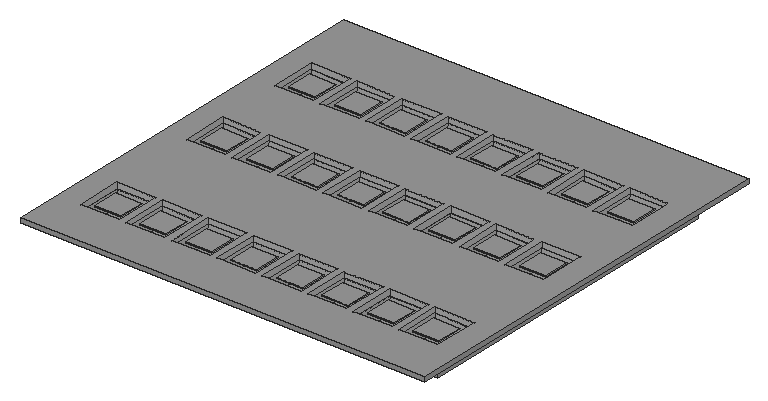
Revit family "2023875", category Lighting Fixtures, host Face, Revit 2018
Family settings
  Host = Face
  Round Connector Dimension = Use Diameter
  Part Type = Normal
  OmniClass Number = 23.80.70.00
  OmniClass Title = Lighting
  Cut with Voids When Loaded = No
  Light Source = Yes
  Shared = No
  Room Calculation Point = No
Parameters (values of type "2023875 OPTIX R 625 3L LUMI 4K ALU SSA02")
  Weight = "n/a"
  Wattage Comments = ""
  Wattage = 9.2903 W
  WarrantyStartDate [instance] = "n/a"
  WarrantyGuarantorParts = "n/a"
  WarrantyDurationUnit = "n/a"
  WarrantyDurationParts = ""
  WarrantyDescription = "http://www.sylvania-lighting.com"
  built-in parameter 1150110 = 1 (stored number, unit not read)
  Voltage = 0 V
  URL = "1"
  TypeName = "OPTIX RECESSED 625 3L LUMI 4K ALU SSA02"
  Type Image = <None>
  Type Comments = "n/a"
  built-in parameter 1114217 = 1 (stored number, unit not read)
  Tilt Angle = -90.00°
  built-in parameter 1150109 = 1 (stored number, unit not read)
  built-in parameter 1150134 = 3
  built-in parameter 1150113 = 1 (stored number, unit not read)
  SerialNumber [instance] = "n/a"
  Photometric Web File = "2023875.ies"
  Material_3_SYL = none
  PowerFactor = 0
  PowerConsumption = "Lighting"
  NominalLength = 621 mm
  NominalHeight = 38 mm
  NominalDepth = 620 mm
  Name = "OPTIX RECESSED 625 3L LUMI 4K ALU SSA02"
  ModelReference = Name  # "OPTIX RECESSED 625 3L LUMI 4K ALU SSA02"
  ModelNumber = "2023875"
  Model = Name  # "OPTIX RECESSED 625 3L LUMI 4K ALU SSA02"
  Material = "Feilo Sylvania"
  ManufacturerName = "99 lm/W"
  Manufacturer = ""
  LuminousEfficacy = ""
  built-in parameter 1150105 = 109.82 (stored number, unit not read)
  Lumens = 1380 lm
  LuminaireType = "0"
  built-in parameter 1150115 = 1 (stored number, unit not read)
  LightOutputRatio = "LED"
  built-in parameter 1150137 = (empty or 0)
  built-in parameter 1150139 = (empty or 0)
  LampsType = Lamp  # "n/a"
  LampNominalLuminous = "4000 K"
  LampMacAdamStep = "98"
  LampColourTemperature = "LED"
  LampColourRenderingIndex = "16500"
  built-in parameter 1150112 = 1 (stored number, unit not read)
  built-in parameter 1150114 = 1 (stored number, unit not read)
  Lamp = "n/a"
  Keynote = "n/a"
  InstallationDate [instance] = "n/a"
  InputVoltage = "0"
  InputNominalFrequency = "4000"
  built-in parameter 1150132 = (empty or 0)
  built-in parameter 1150102 = (empty or 0)
  built-in parameter 1150107 = 3200 (stored number, unit not read)
  built-in parameter 1150138 = (empty or 0)
  IngressProtection = "IfcLightFixtureType"
  ImpactProtectionIndex = "IfcLightFixtureType"
  built-in parameter 1150106 = 1.0982 (stored number, unit not read)
  IfcExportType = "IfcLightFixtureType"
  IfcExportAs = "Class I"
  Emit from Circle Diameter = 609.6 mm
  Emit Shape Visible in Rendering = no
  ElectricShockClassification = "99"
  built-in parameter 1150104 = 13.8 (stored number, unit not read)
  DocumentationLiterature = "http://www.sylvania-lighting.com/product/en-int/products/2023875"
  DimmingControlOptions = "n/a"
  Material_2_SYL = none
  Dimming Lamp Color Temperature Shift = <None>
  Description = "OPTIX RECESSED 625 3L LUMI 4000K ALU SSA02 is a ceiling recessed luminaire for office and education applications with Aluminised plastic extra low glare optics and RAL9016 colour fixture body. SylSmart Connected enabled. 4000K Neutral White LED, chromaticity tolerance of 3-step MacAdam ellipse. For 4000K - Colour rendering index Ra >98; Melanopic Ratio MEER: 0.776; Fidelity Index Rᶠ: 94; Gamut Index Rᶢ: 98. For 4000K luminous flux: 3750lm. Power consumption: 38W. Luminaire efficacy: 99lm/W. UGR<16 Luminance at 65°<200 Cd/m2, IK07, IP20. Photobiological safety risk group 0. Electrical protection Class I. Glow wire test 850°C. 60,000hrs L80B20 lifespan."
  Default Elevation = 1219.2 mm
  CreatedOn = "13/10/2022"
  CreatedBy = "@sylvania-lighting.com"
  Cost = 0
  Color Filter = 16777215
  built-in parameter 1114216 [instance] = (empty or 0)
  ClassificationValue = "EF_70_80"
  ClassificationName = "Uniclass2015"
  Material_1_SYL = none
  BarCode [instance] = "n/a"
  built-in parameter 1114218 = 1 (stored number, unit not read)
  built-in parameter 1150133 = 10 (stored number, unit not read)
  AssetType = "Fixed"
  AssetIdentifier [instance] = "n/a"
  Assembly Code = "D5020200"
  Apparent Load = 38 VA
  Material_4_SYL = none
Reference planes
  plane 1 "Center (Front/Back)": y = 0
  plane 2: z = 0
  plane 3 "Center (Left/Right)": x = 0
  plane 4: x = -310.5
  plane 5: x = 310.5
  plane 6: y = 310
  plane 7: y = -310
  plane 8: x = -281.5
  plane 9: x = 281.5
  plane 10: y = 250
  plane 11: y = -250
  plane 12: z = -32
  plane 13: z = 6
  plane 14: y = 204
  plane 15: y = -204
  plane 16: y = 134
  plane 17: y = -134
  plane 18: x = -280
  plane 19: x = 280
  plane 20: x = -275.2
  plane 21: x = -215.2
  plane 22: x = -205.4
  plane 23: x = -145.397
  plane 24: x = -135.597
  plane 25: x = -75.597
  plane 26: x = -65.797
  plane 27: x = -5.797
  plane 28: x = 4.003
  plane 29: x = 64.003
  plane 30: x = 73.803
  plane 31: x = 143.603
  plane 32: x = 133.803
  plane 33: x = 203.603
  plane 34: x = 213.403
  plane 35: x = 273.403
  plane 36: y = 149
  plane 37: y = 189
  plane 38: x = -225.2
  plane 39: x = -265.2
  plane 40: y = 169
  plane 41: y = 35
  plane 42: y = -35
  plane 43: x = -275.2
  plane 44: x = -215.2
  plane 45: x = -205.4
  plane 46: x = -145.397
  plane 47: x = -135.597
  plane 48: x = -75.597
  plane 49: x = -65.797
  plane 50: x = -5.797
  plane 51: x = 4.003
  plane 52: x = 64.003
  plane 53: x = 73.803
  plane 54: x = 143.603
  plane 55: x = 133.803
  plane 56: x = 203.603
  plane 57: x = 213.403
  plane 58: x = 273.403
  plane 59: y = -20
  plane 60: y = 20
  plane 61: x = -225.2
  plane 62: x = -265.2
  plane 63: y = 0
  plane 64: x = -275.2
  plane 65: x = -215.2
  plane 66: x = -205.4
  plane 67: x = -145.397
  plane 68: x = -135.597
  plane 69: x = -75.597
  plane 70: x = -65.797
  plane 71: x = -5.797
  plane 72: x = 4.003
  plane 73: x = 64.003
  plane 74: x = 73.803
  plane 75: x = 143.603
  plane 76: x = 133.803
  plane 77: x = 203.603
  plane 78: x = 213.403
  plane 79: x = 273.403
  plane 80: y = -224
  plane 81: y = -184
  plane 82: x = -225.2
  plane 83: x = -265.2
Forms (mm)
  Extrusion 1, solid, material "Aluminum", detail levels medium+fine
    sketch origin (0, 0, 0) x (1, 0, 0) y (0, 1, 0)
      loop
        line (-310.5, 310) -> (-310.5, -310) -> (310.5, -310) -> (310.5, 310) -> (-310.5, 310)
    from 0 to 6
  Extrusion 2, solid, material "Aluminum", detail levels medium+fine
    sketch origin (0, 0, 0) x (1, 0, 0) y (0, 1, 0)
      loop
        line (-281.5, 250) -> (-281.5, -250) -> (281.5, -250) -> (281.5, 250) -> (-281.5, 250)
    from 0 to -32
  Blend 3, void
    base sketch origin (0, 0, 0) x (1, 0, 0) y (0, 1, 0)
      loop
        line (-275.2, 204) -> (-275.2, 134) -> (-215.2, 134) -> (-215.2, 204) -> (-275.2, 204)
    top sketch origin (0, 0, 0) x (1, 0, 0) y (0, 1, 0)
      loop
        line (-265.2, 189) -> (-265.2, 149) -> (-225.2, 149) -> (-225.2, 189) -> (-265.2, 189)
    from 6 to -19
  Blend 4, void
    base sketch origin (69.8, 0, 0) x (1, 0, 0) y (0, 1, 0)
      loop
        line (-275.2, 204) -> (-275.2, 134) -> (-215.2, 134) -> (-215.2, 204) -> (-275.2, 204)
    top sketch origin (69.8, 0, 0) x (1, 0, 0) y (0, 1, 0)
      loop
        line (-265.2, 189) -> (-265.2, 149) -> (-225.2, 149) -> (-225.2, 189) -> (-265.2, 189)
    from 6 to -19
  Blend 5, void
    base sketch origin (139.603, 0, 0) x (1, 0, 0) y (0, 1, 0)
      loop
        line (-275.2, 204) -> (-275.2, 134) -> (-215.2, 134) -> (-215.2, 204) -> (-275.2, 204)
    top sketch origin (139.603, 0, 0) x (1, 0, 0) y (0, 1, 0)
      loop
        line (-265.2, 189) -> (-265.2, 149) -> (-225.2, 149) -> (-225.2, 189) -> (-265.2, 189)
    from 6 to -19
  Blend 6, void
    base sketch origin (209.403, 0, 0) x (1, 0, 0) y (0, 1, 0)
      loop
        line (-275.2, 204) -> (-275.2, 134) -> (-215.2, 134) -> (-215.2, 204) -> (-275.2, 204)
    top sketch origin (209.403, 0, 0) x (1, 0, 0) y (0, 1, 0)
      loop
        line (-265.2, 189) -> (-265.2, 149) -> (-225.2, 149) -> (-225.2, 189) -> (-265.2, 189)
    from 6 to -19
  Blend 7, void
    base sketch origin (279.203, 0, 0) x (1, 0, 0) y (0, 1, 0)
      loop
        line (-275.2, 204) -> (-275.2, 134) -> (-215.2, 134) -> (-215.2, 204) -> (-275.2, 204)
    top sketch origin (279.203, 0, 0) x (1, 0, 0) y (0, 1, 0)
      loop
        line (-265.2, 189) -> (-265.2, 149) -> (-225.2, 149) -> (-225.2, 189) -> (-265.2, 189)
    from 6 to -19
  Blend 8, void
    base sketch origin (349.003, 0, 0) x (1, 0, 0) y (0, 1, 0)
      loop
        line (-275.2, 204) -> (-275.2, 134) -> (-215.2, 134) -> (-215.2, 204) -> (-275.2, 204)
    top sketch origin (349.003, 0, 0) x (1, 0, 0) y (0, 1, 0)
      loop
        line (-265.2, 189) -> (-265.2, 149) -> (-225.2, 149) -> (-225.2, 189) -> (-265.2, 189)
    from 6 to -19
  Blend 9, void
    base sketch origin (418.803, 0, 0) x (1, 0, 0) y (0, 1, 0)
      loop
        line (-275.2, 204) -> (-275.2, 134) -> (-215.2, 134) -> (-215.2, 204) -> (-275.2, 204)
    top sketch origin (418.803, 0, 0) x (1, 0, 0) y (0, 1, 0)
      loop
        line (-265.2, 189) -> (-265.2, 149) -> (-225.2, 149) -> (-225.2, 189) -> (-265.2, 189)
    from 6 to -19
  Blend 10, void
    base sketch origin (488.603, 0, 0) x (1, 0, 0) y (0, 1, 0)
      loop
        line (-275.2, 204) -> (-275.2, 134) -> (-215.2, 134) -> (-215.2, 204) -> (-275.2, 204)
    top sketch origin (488.603, 0, 0) x (1, 0, 0) y (0, 1, 0)
      loop
        line (-265.2, 189) -> (-265.2, 149) -> (-225.2, 149) -> (-225.2, 189) -> (-265.2, 189)
    from 6 to -19
  Extrusion 11, solid, material "Glass, White, High Luminance", detail levels fine
    sketch origin (0, 0, 0) x (1, 0, 0) y (0, 1, 0)
      loop
        line (-265.2, 189) -> (-265.2, 149) -> (-225.2, 149) -> (-225.2, 189) -> (-265.2, 189)
    from 0 to 1
  Extrusion 12, solid, material "Glass, White, High Luminance", detail levels fine
    sketch origin (69.8, 0, 0) x (1, 0, 0) y (0, 1, 0)
      loop
        line (-265.2, 189) -> (-265.2, 149) -> (-225.2, 149) -> (-225.2, 189) -> (-265.2, 189)
    from 0 to 1
  Extrusion 13, solid, material "Glass, White, High Luminance", detail levels fine
    sketch origin (139.603, 0, 0) x (1, 0, 0) y (0, 1, 0)
      loop
        line (-265.2, 189) -> (-265.2, 149) -> (-225.2, 149) -> (-225.2, 189) -> (-265.2, 189)
    from 0 to 1
  Extrusion 14, solid, material "Glass, White, High Luminance", detail levels fine
    sketch origin (209.403, 0, 0) x (1, 0, 0) y (0, 1, 0)
      loop
        line (-265.2, 189) -> (-265.2, 149) -> (-225.2, 149) -> (-225.2, 189) -> (-265.2, 189)
    from 0 to 1
  Extrusion 15, solid, material "Glass, White, High Luminance", detail levels fine
    sketch origin (279.203, 0, 0) x (1, 0, 0) y (0, 1, 0)
      loop
        line (-265.2, 189) -> (-265.2, 149) -> (-225.2, 149) -> (-225.2, 189) -> (-265.2, 189)
    from 0 to 1
  Extrusion 16, solid, material "Glass, White, High Luminance", detail levels fine
    sketch origin (349.003, 0, 0) x (1, 0, 0) y (0, 1, 0)
      loop
        line (-265.2, 189) -> (-265.2, 149) -> (-225.2, 149) -> (-225.2, 189) -> (-265.2, 189)
    from 0 to 1
  Extrusion 17, solid, material "Glass, White, High Luminance", detail levels fine
    sketch origin (418.803, 0, 0) x (1, 0, 0) y (0, 1, 0)
      loop
        line (-265.2, 189) -> (-265.2, 149) -> (-225.2, 149) -> (-225.2, 189) -> (-265.2, 189)
    from 0 to 1
  Extrusion 18, solid, material "Glass, White, High Luminance", detail levels fine
    sketch origin (488.603, 0, 0) x (1, 0, 0) y (0, 1, 0)
      loop
        line (-265.2, 189) -> (-265.2, 149) -> (-225.2, 149) -> (-225.2, 189) -> (-265.2, 189)
    from 0 to 1
  Extrusion 19, solid, material "Glass, White, High Luminance", detail levels fine
    sketch origin (0, -169, 0) x (1, 0, 0) y (0, 1, 0)
      loop
        line (-265.2, 189) -> (-265.2, 149) -> (-225.2, 149) -> (-225.2, 189) -> (-265.2, 189)
    from 0 to 1
  Extrusion 20, solid, material "Glass, White, High Luminance", detail levels fine
    sketch origin (69.8, -169, 0) x (1, 0, 0) y (0, 1, 0)
      loop
        line (-265.2, 189) -> (-265.2, 149) -> (-225.2, 149) -> (-225.2, 189) -> (-265.2, 189)
    from 0 to 1
  Extrusion 21, solid, material "Glass, White, High Luminance", detail levels fine
    sketch origin (139.603, -169, 0) x (1, 0, 0) y (0, 1, 0)
      loop
        line (-265.2, 189) -> (-265.2, 149) -> (-225.2, 149) -> (-225.2, 189) -> (-265.2, 189)
    from 0 to 1
  Extrusion 22, solid, material "Glass, White, High Luminance", detail levels fine
    sketch origin (209.403, -169, 0) x (1, 0, 0) y (0, 1, 0)
      loop
        line (-265.2, 189) -> (-265.2, 149) -> (-225.2, 149) -> (-225.2, 189) -> (-265.2, 189)
    from 0 to 1
  Extrusion 23, solid, material "Glass, White, High Luminance", detail levels fine
    sketch origin (279.203, -169, 0) x (1, 0, 0) y (0, 1, 0)
      loop
        line (-265.2, 189) -> (-265.2, 149) -> (-225.2, 149) -> (-225.2, 189) -> (-265.2, 189)
    from 0 to 1
  Extrusion 24, solid, material "Glass, White, High Luminance", detail levels fine
    sketch origin (349.003, -169, 0) x (1, 0, 0) y (0, 1, 0)
      loop
        line (-265.2, 189) -> (-265.2, 149) -> (-225.2, 149) -> (-225.2, 189) -> (-265.2, 189)
    from 0 to 1
  Extrusion 25, solid, material "Glass, White, High Luminance", detail levels fine
    sketch origin (418.803, -169, 0) x (1, 0, 0) y (0, 1, 0)
      loop
        line (-265.2, 189) -> (-265.2, 149) -> (-225.2, 149) -> (-225.2, 189) -> (-265.2, 189)
    from 0 to 1
  Extrusion 26, solid, material "Glass, White, High Luminance", detail levels fine
    sketch origin (488.603, -169, 0) x (1, 0, 0) y (0, 1, 0)
      loop
        line (-265.2, 189) -> (-265.2, 149) -> (-225.2, 149) -> (-225.2, 189) -> (-265.2, 189)
    from 0 to 1
  Blend 27, void
    base sketch origin (0, -169, 0) x (1, 0, 0) y (0, 1, 0)
      loop
        line (-275.2, 204) -> (-275.2, 134) -> (-215.2, 134) -> (-215.2, 204) -> (-275.2, 204)
    top sketch origin (0, -169, 0) x (1, 0, 0) y (0, 1, 0)
      loop
        line (-265.2, 189) -> (-265.2, 149) -> (-225.2, 149) -> (-225.2, 189) -> (-265.2, 189)
    from 6 to -19
  Blend 28, void
    base sketch origin (69.8, -169, 0) x (1, 0, 0) y (0, 1, 0)
      loop
        line (-275.2, 204) -> (-275.2, 134) -> (-215.2, 134) -> (-215.2, 204) -> (-275.2, 204)
    top sketch origin (69.8, -169, 0) x (1, 0, 0) y (0, 1, 0)
      loop
        line (-265.2, 189) -> (-265.2, 149) -> (-225.2, 149) -> (-225.2, 189) -> (-265.2, 189)
    from 6 to -19
  Blend 29, void
    base sketch origin (139.603, -169, 0) x (1, 0, 0) y (0, 1, 0)
      loop
        line (-275.2, 204) -> (-275.2, 134) -> (-215.2, 134) -> (-215.2, 204) -> (-275.2, 204)
    top sketch origin (139.603, -169, 0) x (1, 0, 0) y (0, 1, 0)
      loop
        line (-265.2, 189) -> (-265.2, 149) -> (-225.2, 149) -> (-225.2, 189) -> (-265.2, 189)
    from 6 to -19
  Blend 30, void
    base sketch origin (209.403, -169, 0) x (1, 0, 0) y (0, 1, 0)
      loop
        line (-275.2, 204) -> (-275.2, 134) -> (-215.2, 134) -> (-215.2, 204) -> (-275.2, 204)
    top sketch origin (209.403, -169, 0) x (1, 0, 0) y (0, 1, 0)
      loop
        line (-265.2, 189) -> (-265.2, 149) -> (-225.2, 149) -> (-225.2, 189) -> (-265.2, 189)
    from 6 to -19
  Blend 31, void
    base sketch origin (279.203, -169, 0) x (1, 0, 0) y (0, 1, 0)
      loop
        line (-275.2, 204) -> (-275.2, 134) -> (-215.2, 134) -> (-215.2, 204) -> (-275.2, 204)
    top sketch origin (279.203, -169, 0) x (1, 0, 0) y (0, 1, 0)
      loop
        line (-265.2, 189) -> (-265.2, 149) -> (-225.2, 149) -> (-225.2, 189) -> (-265.2, 189)
    from 6 to -19
  Blend 32, void
    base sketch origin (349.003, -169, 0) x (1, 0, 0) y (0, 1, 0)
      loop
        line (-275.2, 204) -> (-275.2, 134) -> (-215.2, 134) -> (-215.2, 204) -> (-275.2, 204)
    top sketch origin (349.003, -169, 0) x (1, 0, 0) y (0, 1, 0)
      loop
        line (-265.2, 189) -> (-265.2, 149) -> (-225.2, 149) -> (-225.2, 189) -> (-265.2, 189)
    from 6 to -19
  Blend 33, void
    base sketch origin (418.803, -169, 0) x (1, 0, 0) y (0, 1, 0)
      loop
        line (-275.2, 204) -> (-275.2, 134) -> (-215.2, 134) -> (-215.2, 204) -> (-275.2, 204)
    top sketch origin (418.803, -169, 0) x (1, 0, 0) y (0, 1, 0)
      loop
        line (-265.2, 189) -> (-265.2, 149) -> (-225.2, 149) -> (-225.2, 189) -> (-265.2, 189)
    from 6 to -19
  Blend 34, void
    base sketch origin (488.603, -169, 0) x (1, 0, 0) y (0, 1, 0)
      loop
        line (-275.2, 204) -> (-275.2, 134) -> (-215.2, 134) -> (-215.2, 204) -> (-275.2, 204)
    top sketch origin (488.603, -169, 0) x (1, 0, 0) y (0, 1, 0)
      loop
        line (-265.2, 189) -> (-265.2, 149) -> (-225.2, 149) -> (-225.2, 189) -> (-265.2, 189)
    from 6 to -19
  Extrusion 35, solid, material "Glass, White, High Luminance", detail levels fine
    sketch origin (0, -373, 0) x (1, 0, 0) y (0, 1, 0)
      loop
        line (-265.2, 189) -> (-265.2, 149) -> (-225.2, 149) -> (-225.2, 189) -> (-265.2, 189)
    from 0 to 1
  Extrusion 36, solid, material "Glass, White, High Luminance", detail levels fine
    sketch origin (69.8, -373, 0) x (1, 0, 0) y (0, 1, 0)
      loop
        line (-265.2, 189) -> (-265.2, 149) -> (-225.2, 149) -> (-225.2, 189) -> (-265.2, 189)
    from 0 to 1
  Extrusion 37, solid, material "Glass, White, High Luminance", detail levels fine
    sketch origin (139.603, -373, 0) x (1, 0, 0) y (0, 1, 0)
      loop
        line (-265.2, 189) -> (-265.2, 149) -> (-225.2, 149) -> (-225.2, 189) -> (-265.2, 189)
    from 0 to 1
  Extrusion 38, solid, material "Glass, White, High Luminance", detail levels fine
    sketch origin (209.403, -373, 0) x (1, 0, 0) y (0, 1, 0)
      loop
        line (-265.2, 189) -> (-265.2, 149) -> (-225.2, 149) -> (-225.2, 189) -> (-265.2, 189)
    from 0 to 1
  Extrusion 39, solid, material "Glass, White, High Luminance", detail levels fine
    sketch origin (279.203, -373, 0) x (1, 0, 0) y (0, 1, 0)
      loop
        line (-265.2, 189) -> (-265.2, 149) -> (-225.2, 149) -> (-225.2, 189) -> (-265.2, 189)
    from 0 to 1
  Extrusion 40, solid, material "Glass, White, High Luminance", detail levels fine
    sketch origin (349.003, -373, 0) x (1, 0, 0) y (0, 1, 0)
      loop
        line (-265.2, 189) -> (-265.2, 149) -> (-225.2, 149) -> (-225.2, 189) -> (-265.2, 189)
    from 0 to 1
  Extrusion 41, solid, material "Glass, White, High Luminance", detail levels fine
    sketch origin (418.803, -373, 0) x (1, 0, 0) y (0, 1, 0)
      loop
        line (-265.2, 189) -> (-265.2, 149) -> (-225.2, 149) -> (-225.2, 189) -> (-265.2, 189)
    from 0 to 1
  Extrusion 42, solid, material "Glass, White, High Luminance", detail levels fine
    sketch origin (488.603, -373, 0) x (1, 0, 0) y (0, 1, 0)
      loop
        line (-265.2, 189) -> (-265.2, 149) -> (-225.2, 149) -> (-225.2, 189) -> (-265.2, 189)
    from 0 to 1
  Blend 43, void
    base sketch origin (0, -373, 0) x (1, 0, 0) y (0, 1, 0)
      loop
        line (-275.2, 204) -> (-275.2, 134) -> (-215.2, 134) -> (-215.2, 204) -> (-275.2, 204)
    top sketch origin (0, -373, 0) x (1, 0, 0) y (0, 1, 0)
      loop
        line (-265.2, 189) -> (-265.2, 149) -> (-225.2, 149) -> (-225.2, 189) -> (-265.2, 189)
    from 6 to -19
  Blend 44, void
    base sketch origin (69.8, -373, 0) x (1, 0, 0) y (0, 1, 0)
      loop
        line (-275.2, 204) -> (-275.2, 134) -> (-215.2, 134) -> (-215.2, 204) -> (-275.2, 204)
    top sketch origin (69.8, -373, 0) x (1, 0, 0) y (0, 1, 0)
      loop
        line (-265.2, 189) -> (-265.2, 149) -> (-225.2, 149) -> (-225.2, 189) -> (-265.2, 189)
    from 6 to -19
  Blend 45, void
    base sketch origin (139.603, -373, 0) x (1, 0, 0) y (0, 1, 0)
      loop
        line (-275.2, 204) -> (-275.2, 134) -> (-215.2, 134) -> (-215.2, 204) -> (-275.2, 204)
    top sketch origin (139.603, -373, 0) x (1, 0, 0) y (0, 1, 0)
      loop
        line (-265.2, 189) -> (-265.2, 149) -> (-225.2, 149) -> (-225.2, 189) -> (-265.2, 189)
    from 6 to -19
  Blend 46, void
    base sketch origin (209.403, -373, 0) x (1, 0, 0) y (0, 1, 0)
      loop
        line (-275.2, 204) -> (-275.2, 134) -> (-215.2, 134) -> (-215.2, 204) -> (-275.2, 204)
    top sketch origin (209.403, -373, 0) x (1, 0, 0) y (0, 1, 0)
      loop
        line (-265.2, 189) -> (-265.2, 149) -> (-225.2, 149) -> (-225.2, 189) -> (-265.2, 189)
    from 6 to -19
  Blend 47, void
    base sketch origin (279.203, -373, 0) x (1, 0, 0) y (0, 1, 0)
      loop
        line (-275.2, 204) -> (-275.2, 134) -> (-215.2, 134) -> (-215.2, 204) -> (-275.2, 204)
    top sketch origin (279.203, -373, 0) x (1, 0, 0) y (0, 1, 0)
      loop
        line (-265.2, 189) -> (-265.2, 149) -> (-225.2, 149) -> (-225.2, 189) -> (-265.2, 189)
    from 6 to -19
  Blend 48, void
    base sketch origin (349.003, -373, 0) x (1, 0, 0) y (0, 1, 0)
      loop
        line (-275.2, 204) -> (-275.2, 134) -> (-215.2, 134) -> (-215.2, 204) -> (-275.2, 204)
    top sketch origin (349.003, -373, 0) x (1, 0, 0) y (0, 1, 0)
      loop
        line (-265.2, 189) -> (-265.2, 149) -> (-225.2, 149) -> (-225.2, 189) -> (-265.2, 189)
    from 6 to -19
  Blend 49, void
    base sketch origin (418.803, -373, 0) x (1, 0, 0) y (0, 1, 0)
      loop
        line (-275.2, 204) -> (-275.2, 134) -> (-215.2, 134) -> (-215.2, 204) -> (-275.2, 204)
    top sketch origin (418.803, -373, 0) x (1, 0, 0) y (0, 1, 0)
      loop
        line (-265.2, 189) -> (-265.2, 149) -> (-225.2, 149) -> (-225.2, 189) -> (-265.2, 189)
    from 6 to -19
  Blend 50, void
    base sketch origin (488.603, -373, 0) x (1, 0, 0) y (0, 1, 0)
      loop
        line (-275.2, 204) -> (-275.2, 134) -> (-215.2, 134) -> (-215.2, 204) -> (-275.2, 204)
    top sketch origin (488.603, -373, 0) x (1, 0, 0) y (0, 1, 0)
      loop
        line (-265.2, 189) -> (-265.2, 149) -> (-225.2, 149) -> (-225.2, 189) -> (-265.2, 189)
    from 6 to -19
  Extrusion 51, solid, detail levels coarse
    sketch origin (0, 0, 0) x (1, 0, 0) y (0, 0, 1)
      loop
        line (-310.5, 6) -> (-310.5, -32) -> (310, -32) -> (310, 6) -> (-310.5, 6)
    from -310 to 310
Cuts and joins
  Blend 3, Blend 4, Blend 5, Blend 6, Blend 7, Blend 8, Blend 9, Blend 10, Blend 27, Blend 28, Blend 29, Blend 30, Blend 31, Blend 32, Blend 33, Blend 34, Blend 43, Blend 44, Blend 45, Blend 46, Blend 47, Blend 48, Blend 49, Blend 50 cuts Extrusion 1
  Blend 3, Blend 4, Blend 5, Blend 6, Blend 7, Blend 8, Blend 9, Blend 10, Blend 27, Blend 28, Blend 29, Blend 30, Blend 31, Blend 32, Blend 33, Blend 34, Blend 43, Blend 44, Blend 45, Blend 46, Blend 47, Blend 48, Blend 49, Blend 50 cuts Extrusion 2
  Blend 27 cuts Extrusion 11
  Blend 28 cuts Extrusion 12
  Blend 29 cuts Extrusion 13
  Blend 30 cuts Extrusion 14
  Blend 31 cuts Extrusion 15
  Blend 32 cuts Extrusion 16
  Blend 33 cuts Extrusion 17
  Blend 34 cuts Extrusion 18
  Blend 43 cuts Extrusion 19
  Blend 44 cuts Extrusion 20
  Blend 45 cuts Extrusion 21
  Blend 46 cuts Extrusion 22
  Blend 47 cuts Extrusion 23
  Blend 48 cuts Extrusion 24
  Blend 49 cuts Extrusion 25
  Blend 50 cuts Extrusion 26
Dimensions and locks
  "NominalLength": plane 4 to plane 5
  equal spacing: plane 4, plane 3 "Center (Left/Right)", plane 5
  "NominalDepth": plane 6 to plane 7
  equal spacing: plane 6, plane 1 "Center (Front/Back)", plane 7
  plane 12 to plane 2 = 32 mm
  plane 13 to plane 2 = 6 mm
  "NominalHeight": plane 12 to plane 13
  aligned and locked: plane 2 to host face
  aligned and locked: level to host face
Automatic sketch dimensions
  host sketch curve to host sketch curve = 2438.4 mm  (x2)
  Extrusion 1 sketch curve to plane 4 = 0 mm
  Extrusion 1 sketch curve to plane 5 = 0 mm
  Extrusion 1 sketch curve to plane 7 = 0 mm
  Extrusion 1 sketch curve to plane 6 = 0 mm
  Extrusion 2 sketch curve to plane 8 = 0 mm
  Extrusion 2 sketch curve to plane 9 = 0 mm
  Extrusion 2 sketch curve to plane 11 = 0 mm
  Extrusion 2 sketch curve to plane 10 = 0 mm
  Blend 3 sketch curve to plane 16 = 0 mm
  Blend 3 sketch curve to plane 20 = 0 mm
  Blend 3 sketch curve to plane 21 = 0 mm
  Blend 3 sketch curve to plane 14 = 0 mm
  Blend 3 sketch curve to plane 36 = 0 mm
  Blend 3 sketch curve to plane 39 = 0 mm
  Blend 3 sketch curve to plane 38 = 0 mm
  Blend 3 sketch curve to plane 37 = 0 mm
  Blend 4 sketch curve to plane 16 = 0 mm
  Blend 4 sketch curve to plane 22 = 0 mm
  Blend 4 sketch curve to plane 14 = 0 mm
  Blend 4 sketch curve to plane 23 = 0.003 mm
  Blend 4 sketch curve to plane 36 = 0 mm
  Blend 4 sketch curve to plane 37 = 0 mm
  plane 22 to Blend 4 sketch curve = 10 mm
  Blend 4 sketch curve to plane 23 = 10.003 mm
  Blend 5 sketch curve to plane 16 = 0 mm
  Blend 5 sketch curve to plane 24 = 0 mm
  Blend 5 sketch curve to plane 25 = 0 mm
  Blend 5 sketch curve to plane 14 = 0 mm
  plane 36 to Blend 5 sketch curve = 0 mm
  plane 37 to Blend 5 sketch curve = 0 mm
  plane 24 to Blend 5 sketch curve = 10 mm
  Blend 5 sketch curve to plane 25 = 10 mm
  Blend 6 sketch curve to plane 16 = 0 mm
  Blend 6 sketch curve to plane 26 = 0 mm
  Blend 6 sketch curve to plane 27 = 0 mm
  Blend 6 sketch curve to plane 14 = 0 mm
  plane 36 to Blend 6 sketch curve = 0 mm
  plane 37 to Blend 6 sketch curve = 0 mm
  plane 26 to Blend 6 sketch curve = 10 mm
  Blend 6 sketch curve to plane 27 = 10 mm
  Blend 7 sketch curve to plane 16 = 0 mm
  Blend 7 sketch curve to plane 28 = 0 mm
  Blend 7 sketch curve to plane 29 = 0 mm
  Blend 7 sketch curve to plane 14 = 0 mm
  plane 36 to Blend 7 sketch curve = 0 mm
  plane 37 to Blend 7 sketch curve = 0 mm
  plane 28 to Blend 7 sketch curve = 10 mm
  Blend 7 sketch curve to plane 29 = 10 mm
  Blend 8 sketch curve to plane 16 = 0 mm
  Blend 8 sketch curve to plane 30 = 0 mm
  Blend 8 sketch curve to plane 32 = 0 mm
  Blend 8 sketch curve to plane 14 = 0 mm
  plane 36 to Blend 8 sketch curve = 0 mm
  plane 37 to Blend 8 sketch curve = 0 mm
  plane 30 to Blend 8 sketch curve = 10 mm
  Blend 8 sketch curve to plane 32 = 10 mm
  Blend 9 sketch curve to plane 16 = 0 mm
  Blend 9 sketch curve to plane 31 = 0 mm
  Blend 9 sketch curve to plane 33 = 0 mm
  Blend 9 sketch curve to plane 14 = 0 mm
  plane 36 to Blend 9 sketch curve = 0 mm
  plane 37 to Blend 9 sketch curve = 0 mm
  plane 31 to Blend 9 sketch curve = 10 mm
  Blend 9 sketch curve to plane 33 = 10 mm
  Blend 10 sketch curve to plane 16 = 0 mm
  Blend 10 sketch curve to plane 34 = 0 mm
  Blend 10 sketch curve to plane 35 = 0 mm
  Blend 10 sketch curve to plane 14 = 0 mm
  plane 36 to Blend 10 sketch curve = 0 mm
  plane 37 to Blend 10 sketch curve = 0 mm
  plane 34 to Blend 10 sketch curve = 10 mm
  Blend 10 sketch curve to plane 35 = 10 mm
  Extrusion 11 sketch curve to plane 36 = 0 mm
  Extrusion 11 sketch curve to plane 39 = 0 mm
  Extrusion 11 sketch curve to plane 38 = 0 mm
  Extrusion 11 sketch curve to plane 37 = 0 mm
  Extrusion 12 sketch curve to plane 36 = 0 mm
  Extrusion 12 sketch curve to plane 37 = 0 mm
  plane 22 to Extrusion 12 sketch curve = 10 mm
  Extrusion 12 sketch curve to plane 23 = 10.003 mm
  plane 36 to Extrusion 13 sketch curve = 0 mm
  plane 37 to Extrusion 13 sketch curve = 0 mm
  plane 24 to Extrusion 13 sketch curve = 10 mm
  Extrusion 13 sketch curve to plane 25 = 10 mm
  plane 36 to Extrusion 14 sketch curve = 0 mm
  plane 37 to Extrusion 14 sketch curve = 0 mm
  plane 26 to Extrusion 14 sketch curve = 10 mm
  Extrusion 14 sketch curve to plane 27 = 10 mm
  plane 36 to Extrusion 15 sketch curve = 0 mm
  plane 37 to Extrusion 15 sketch curve = 0 mm
  plane 28 to Extrusion 15 sketch curve = 10 mm
  Extrusion 15 sketch curve to plane 29 = 10 mm
  plane 36 to Extrusion 16 sketch curve = 0 mm
  plane 37 to Extrusion 16 sketch curve = 0 mm
  plane 30 to Extrusion 16 sketch curve = 10 mm
  Extrusion 16 sketch curve to plane 32 = 10 mm
  plane 36 to Extrusion 17 sketch curve = 0 mm
  plane 37 to Extrusion 17 sketch curve = 0 mm
  plane 31 to Extrusion 17 sketch curve = 10 mm
  Extrusion 17 sketch curve to plane 33 = 10 mm
  plane 36 to Extrusion 18 sketch curve = 0 mm
  plane 37 to Extrusion 18 sketch curve = 0 mm
  plane 34 to Extrusion 18 sketch curve = 10 mm
  Extrusion 18 sketch curve to plane 35 = 10 mm
  Extrusion 19 sketch curve to plane 39 = 0 mm
  Extrusion 19 sketch curve to plane 38 = 0 mm
  Extrusion 19 sketch curve to plane 59 = 0 mm
  Extrusion 19 sketch curve to plane 60 = 0 mm
  Extrusion 20 sketch curve to plane 59 = 0 mm
  Extrusion 20 sketch curve to plane 60 = 0 mm
  plane 22 to Extrusion 20 sketch curve = 10 mm
  Extrusion 20 sketch curve to plane 23 = 10.003 mm
  plane 59 to Extrusion 21 sketch curve = 0 mm
  plane 60 to Extrusion 21 sketch curve = 0 mm
  plane 24 to Extrusion 21 sketch curve = 10 mm
  Extrusion 21 sketch curve to plane 25 = 10 mm
  plane 59 to Extrusion 22 sketch curve = 0 mm
  plane 60 to Extrusion 22 sketch curve = 0 mm
  plane 26 to Extrusion 22 sketch curve = 10 mm
  Extrusion 22 sketch curve to plane 27 = 10 mm
  plane 59 to Extrusion 23 sketch curve = 0 mm
  plane 60 to Extrusion 23 sketch curve = 0 mm
  plane 28 to Extrusion 23 sketch curve = 10 mm
  Extrusion 23 sketch curve to plane 29 = 10 mm
  plane 59 to Extrusion 24 sketch curve = 0 mm
  plane 60 to Extrusion 24 sketch curve = 0 mm
  plane 30 to Extrusion 24 sketch curve = 10 mm
  Extrusion 24 sketch curve to plane 32 = 10 mm
  plane 59 to Extrusion 25 sketch curve = 0 mm
  plane 60 to Extrusion 25 sketch curve = 0 mm
  plane 31 to Extrusion 25 sketch curve = 10 mm
  Extrusion 25 sketch curve to plane 33 = 10 mm
  plane 59 to Extrusion 26 sketch curve = 0 mm
  plane 60 to Extrusion 26 sketch curve = 0 mm
  plane 34 to Extrusion 26 sketch curve = 10 mm
  Extrusion 26 sketch curve to plane 35 = 10 mm
  Blend 27 sketch curve to plane 20 = 0 mm
  Blend 27 sketch curve to plane 21 = 0 mm
  Blend 27 sketch curve to plane 42 = 0 mm
  Blend 27 sketch curve to plane 41 = 0 mm
  Blend 27 sketch curve to plane 39 = 0 mm
  Blend 27 sketch curve to plane 38 = 0 mm
  Blend 27 sketch curve to plane 59 = 0 mm
  Blend 27 sketch curve to plane 60 = 0 mm
  Blend 28 sketch curve to plane 22 = 0 mm
  Blend 28 sketch curve to plane 42 = 0 mm
  Blend 28 sketch curve to plane 41 = 0 mm
  Blend 28 sketch curve to plane 23 = 0.003 mm
  Blend 28 sketch curve to plane 59 = 0 mm
  Blend 28 sketch curve to plane 60 = 0 mm
  plane 22 to Blend 28 sketch curve = 10 mm
  Blend 28 sketch curve to plane 23 = 10.003 mm
  Blend 29 sketch curve to plane 24 = 0 mm
  Blend 29 sketch curve to plane 25 = 0 mm
  Blend 29 sketch curve to plane 42 = 0 mm
  Blend 29 sketch curve to plane 41 = 0 mm
  plane 59 to Blend 29 sketch curve = 0 mm
  plane 60 to Blend 29 sketch curve = 0 mm
  plane 24 to Blend 29 sketch curve = 10 mm
  Blend 29 sketch curve to plane 25 = 10 mm
  Blend 30 sketch curve to plane 26 = 0 mm
  Blend 30 sketch curve to plane 27 = 0 mm
  Blend 30 sketch curve to plane 42 = 0 mm
  Blend 30 sketch curve to plane 41 = 0 mm
  plane 59 to Blend 30 sketch curve = 0 mm
  plane 60 to Blend 30 sketch curve = 0 mm
  plane 26 to Blend 30 sketch curve = 10 mm
  Blend 30 sketch curve to plane 27 = 10 mm
  Blend 31 sketch curve to plane 28 = 0 mm
  Blend 31 sketch curve to plane 29 = 0 mm
  Blend 31 sketch curve to plane 42 = 0 mm
  Blend 31 sketch curve to plane 41 = 0 mm
  plane 59 to Blend 31 sketch curve = 0 mm
  plane 60 to Blend 31 sketch curve = 0 mm
  plane 28 to Blend 31 sketch curve = 10 mm
  Blend 31 sketch curve to plane 29 = 10 mm
  Blend 32 sketch curve to plane 30 = 0 mm
  Blend 32 sketch curve to plane 32 = 0 mm
  Blend 32 sketch curve to plane 42 = 0 mm
  Blend 32 sketch curve to plane 41 = 0 mm
  plane 59 to Blend 32 sketch curve = 0 mm
  plane 60 to Blend 32 sketch curve = 0 mm
  plane 30 to Blend 32 sketch curve = 10 mm
  Blend 32 sketch curve to plane 32 = 10 mm
  Blend 33 sketch curve to plane 31 = 0 mm
  Blend 33 sketch curve to plane 33 = 0 mm
  Blend 33 sketch curve to plane 42 = 0 mm
  Blend 33 sketch curve to plane 41 = 0 mm
  plane 59 to Blend 33 sketch curve = 0 mm
  plane 60 to Blend 33 sketch curve = 0 mm
  plane 31 to Blend 33 sketch curve = 10 mm
  Blend 33 sketch curve to plane 33 = 10 mm
  Blend 34 sketch curve to plane 34 = 0 mm
  Blend 34 sketch curve to plane 35 = 0 mm
  Blend 34 sketch curve to plane 42 = 0 mm
  Blend 34 sketch curve to plane 41 = 0 mm
  plane 59 to Blend 34 sketch curve = 0 mm
  plane 60 to Blend 34 sketch curve = 0 mm
  plane 34 to Blend 34 sketch curve = 10 mm
  Blend 34 sketch curve to plane 35 = 10 mm
  Extrusion 35 sketch curve to plane 39 = 0 mm
  Extrusion 35 sketch curve to plane 38 = 0 mm
  Extrusion 35 sketch curve to plane 80 = 0 mm
  Extrusion 35 sketch curve to plane 81 = 0 mm
  Extrusion 36 sketch curve to plane 80 = 0 mm
  Extrusion 36 sketch curve to plane 81 = 0 mm
  plane 22 to Extrusion 36 sketch curve = 10 mm
  Extrusion 36 sketch curve to plane 23 = 10.003 mm
  plane 80 to Extrusion 37 sketch curve = 0 mm
  plane 81 to Extrusion 37 sketch curve = 0 mm
  plane 24 to Extrusion 37 sketch curve = 10 mm
  Extrusion 37 sketch curve to plane 25 = 10 mm
  plane 80 to Extrusion 38 sketch curve = 0 mm
  plane 81 to Extrusion 38 sketch curve = 0 mm
  plane 26 to Extrusion 38 sketch curve = 10 mm
  Extrusion 38 sketch curve to plane 27 = 10 mm
  plane 80 to Extrusion 39 sketch curve = 0 mm
  plane 81 to Extrusion 39 sketch curve = 0 mm
  plane 28 to Extrusion 39 sketch curve = 10 mm
  Extrusion 39 sketch curve to plane 29 = 10 mm
  plane 80 to Extrusion 40 sketch curve = 0 mm
  plane 81 to Extrusion 40 sketch curve = 0 mm
  plane 30 to Extrusion 40 sketch curve = 10 mm
  Extrusion 40 sketch curve to plane 32 = 10 mm
  plane 80 to Extrusion 41 sketch curve = 0 mm
  plane 81 to Extrusion 41 sketch curve = 0 mm
  plane 31 to Extrusion 41 sketch curve = 10 mm
  Extrusion 41 sketch curve to plane 33 = 10 mm
  plane 80 to Extrusion 42 sketch curve = 0 mm
  plane 81 to Extrusion 42 sketch curve = 0 mm
  plane 34 to Extrusion 42 sketch curve = 10 mm
  Extrusion 42 sketch curve to plane 35 = 10 mm
  Blend 43 sketch curve to plane 20 = 0 mm
  Blend 43 sketch curve to plane 21 = 0 mm
  plane 11 to Blend 43 sketch curve = 11 mm
  plane 81 to Blend 43 sketch curve = 15 mm
  Blend 43 sketch curve to plane 39 = 0 mm
  Blend 43 sketch curve to plane 38 = 0 mm
  Blend 43 sketch curve to plane 80 = 0 mm
  Blend 43 sketch curve to plane 81 = 0 mm
  Blend 44 sketch curve to plane 22 = 0 mm
  Blend 44 sketch curve to plane 23 = 0.003 mm
  plane 11 to Blend 44 sketch curve = 11 mm
  plane 81 to Blend 44 sketch curve = 15 mm
  Blend 44 sketch curve to plane 80 = 0 mm
  Blend 44 sketch curve to plane 81 = 0 mm
  plane 22 to Blend 44 sketch curve = 10 mm
  Blend 44 sketch curve to plane 23 = 10.003 mm
  Blend 45 sketch curve to plane 24 = 0 mm
  Blend 45 sketch curve to plane 25 = 0 mm
  plane 11 to Blend 45 sketch curve = 11 mm
  plane 81 to Blend 45 sketch curve = 15 mm
  plane 80 to Blend 45 sketch curve = 0 mm
  plane 81 to Blend 45 sketch curve = 0 mm
  plane 24 to Blend 45 sketch curve = 10 mm
  Blend 45 sketch curve to plane 25 = 10 mm
  Blend 46 sketch curve to plane 26 = 0 mm
  Blend 46 sketch curve to plane 27 = 0 mm
  plane 11 to Blend 46 sketch curve = 11 mm
  plane 81 to Blend 46 sketch curve = 15 mm
  plane 80 to Blend 46 sketch curve = 0 mm
  plane 81 to Blend 46 sketch curve = 0 mm
  plane 26 to Blend 46 sketch curve = 10 mm
  Blend 46 sketch curve to plane 27 = 10 mm
  Blend 47 sketch curve to plane 28 = 0 mm
  Blend 47 sketch curve to plane 29 = 0 mm
  plane 11 to Blend 47 sketch curve = 11 mm
  plane 81 to Blend 47 sketch curve = 15 mm
  plane 80 to Blend 47 sketch curve = 0 mm
  plane 81 to Blend 47 sketch curve = 0 mm
  plane 28 to Blend 47 sketch curve = 10 mm
  Blend 47 sketch curve to plane 29 = 10 mm
  Blend 48 sketch curve to plane 30 = 0 mm
  Blend 48 sketch curve to plane 32 = 0 mm
  plane 11 to Blend 48 sketch curve = 11 mm
  plane 81 to Blend 48 sketch curve = 15 mm
  plane 80 to Blend 48 sketch curve = 0 mm
  plane 81 to Blend 48 sketch curve = 0 mm
  plane 30 to Blend 48 sketch curve = 10 mm
  Blend 48 sketch curve to plane 32 = 10 mm
  Blend 49 sketch curve to plane 31 = 0 mm
  Blend 49 sketch curve to plane 33 = 0 mm
  plane 11 to Blend 49 sketch curve = 11 mm
  plane 81 to Blend 49 sketch curve = 15 mm
  plane 80 to Blend 49 sketch curve = 0 mm
  plane 81 to Blend 49 sketch curve = 0 mm
  plane 31 to Blend 49 sketch curve = 10 mm
  Blend 49 sketch curve to plane 33 = 10 mm
  Blend 50 sketch curve to plane 34 = 0 mm
  Blend 50 sketch curve to plane 35 = 0 mm
  plane 11 to Blend 50 sketch curve = 11 mm
  plane 81 to Blend 50 sketch curve = 15 mm
  plane 80 to Blend 50 sketch curve = 0 mm
  plane 81 to Blend 50 sketch curve = 0 mm
  plane 34 to Blend 50 sketch curve = 10 mm
  Blend 50 sketch curve to plane 35 = 10 mm
  Extrusion 51 sketch curve to plane 4 = 0 mm
  plane 9 to Extrusion 51 sketch curve = 28.5 mm
  Extrusion 51 sketch curve to plane 12 = 0 mm
  plane 13 to Extrusion 51 sketch curve = 0 mm
Connectors
  electrical at (0, 0, 0), driven by "Apparent Load", driven by "PowerFactor", driven by "Voltage"
    settings: index 1, voltage 0 V, apparent load 38 VA, apparent load phase1 0 VA, apparent load phase2 0 VA, apparent load phase3 0 VA, power factor 0, load classification "Lighting", number of poles 1, system type 30, power factor state 1, is connector primary yes, connector utility no, sub classification motor no, connector description ""
